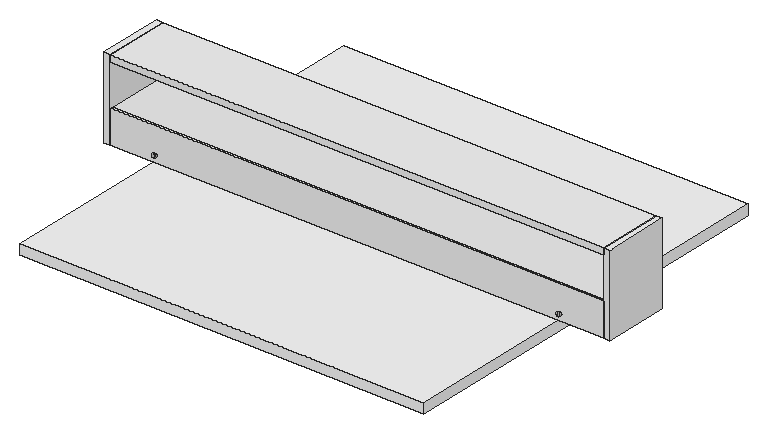
Revit family "BE_50819.2_de_DE", category Leuchten, Revit 2020
Family settings
  Basisbauteil = Fläche
  Bemaßung runder Anschluss = Durchmesser verwenden
  Teiletyp = Normal
  Beim Laden mit Abzugskörper schneiden = Ja
  Lichtquelle = Ja
  Gemeinsam genutzt = Nein
  Raumberechnungspunkt = Ja
Parameters (values of type "BEGA_50819.2_K3")
  built-in parameter 1150104 = 11.65 (stored number, unit not read)
  Wattage = 25.2 W
  Default Elevation = 0 mm
  built-in parameter 1150113 = 1 (stored number, unit not read)
  built-in parameter 1114218 = 1 (stored number, unit not read)
  Umgebungstemperatur = "25 °C"
  URL = "https://www.bega.com/de/produkt/50819.2"
  Typenkommentare = "© 2023 BEGA. Wir behalten uns das Recht vor, technische Änderungen ohne vorherige Ankündigung vorzunehmen."  # constant formula
  built-in parameter 1150134 = (empty or 0)
  built-in parameter 1150109 = 1 (stored number, unit not read)
  built-in parameter 1150110 = 1 (stored number, unit not read)
  Spannung = 239.996 V
  Sonderanfertigung = no
  Seriennummer [instance] = "Hier können Sie die eindeutige Seriennummer für das Facility Management eintragen."
  Schutzklasse = "I"
  Schutzart = "IP 20"
  Scheinlast = 0 VA
  Produktdatenblatt = "https://cdn.bega.com/bega/products/50819.2K3/current/documents/data-sheets/de"
  Neigungswinkel = 0.00°
  Modell = "50819.2K3"
  Material_34 = BEGA_Oberfläche_Samtweiss_matt
  Material_22 = BEGA_Oberfläche_Aluminium_matt
  Material_15 = BEGA_Leuchtmedium_matt
  Material_13 = BEGA_Kunststoff_matt
  Material_06 = BEGA_Oberfläche_Edelstahl_gebürstet
  Material_05 = BEGA_Oberfläche_Aluminium_Guss
  Material_04 = BEGA_Kunststoff_Grafit_matt
  M_W = no
  M_G = no
  M_A = no
  Logo = 0
  built-in parameter 1114217 = 1 (stored number, unit not read)
  built-in parameter 1150139 = (empty or 0)
  built-in parameter 1150105 = 251.47 (stored number, unit not read)
  built-in parameter 1150114 = 1 (stored number, unit not read)
  Lumens = 3160.08 lm
  built-in parameter 1150115 = 1 (stored number, unit not read)
  Leuchtenlichtstrom = "1344 lm"
  Lebensdauerkriterien = "L70B50 @ 25 °C = 200000 h"
  Lastklassifizierung = Beleuchtung
  built-in parameter 1150112 = 1 (stored number, unit not read)
  Lampenlichtstrom = "3160 lm"
  Lampe = "LED 25.2 W"
  LED_Modulbezeichnung = "2x LED-0696/930"
  Hersteller = "BEGA"  # constant formula
  Gewicht = "1.45 kg"
  Frequenz = "0/50-60 Hz"
  Farbwiedergabeindex = "CRI > 90"
  Farbtemperaturverschiebung bei Dämpfen der Lampe = <Keine Auswahl>
  Farbtemperatur = "3000 K"
  Color Filter = 16777215
  built-in parameter 1150133 = 10 (stored number, unit not read)
  Energieeffizienzklasse = "LED A++ - A"
  built-in parameter 1150137 = (empty or 0)
  built-in parameter 1150132 = (empty or 0)
  ENEC = "ja"
  Dimmbar [instance] = "on/off"
  Datei für fotometrisches Netz = "BE_50819-2K3.ies"
  CE_Konformität = "ja"
  Bestellnummer = "50819.2K3"
  Beschreibung_Sonderanfertigung = "Hier können Sie Informationen zur Sonderanfertigung eintragen."
  Beschreibung = "Wandleuchte"
  built-in parameter 1150106 = 2.5147 (stored number, unit not read)
  Befestigungsbohrung = "Ø 4,5 mm"
  Befestigungsabstand = "410 mm"
  BEGA_Intern_aus = yes
  BEGA_Intern_an = yes
  BEGA_Intern_Konstruktion = yes
  BEGA_Intern = yes
  BEGA_IES = yes
  BEGA_Dummy = no
  Anschlussleistung [instance] = "29 W"
  built-in parameter 1150107 = 3000 (stored number, unit not read)
  built-in parameter 1150102 = (empty or 0)
  built-in parameter 1150138 = (empty or 0)
  Aktualisierung = "2023-06-05T04:00:02"
  AC/DC = "AC/DC"
Reference planes
  plane 1 "Mitte (Vorne/Hinten)": y = 0
  plane 2: z = 0
  plane 3 "Mitte (Links/Rechts)": x = 0
  plane 4 "Links": x = -249
  plane 5 "Rechts": x = 251
  plane 6 "Unten": y = -34.671
  plane 7 "Oben": y = 30.329
  plane 8 "Vorne": z = 80
  plane 9 "Hinten": z = 0
Forms (mm)
  Extrusion 1, solid, material "BEGA_Platte_Weiss"
    sketch origin (0, -1119.2, 0) x (1, 0, 0) y (0, 1, 0)
      loop
        line (-200, 1319.2) -> (-200, 919.2) -> (200, 919.2) -> (200, 1319.2) -> (-200, 1319.2)
    from 0 to -10
  Extrusion 2, solid, material "BEGA_Dummy_matt", visible <- "BEGA_Dummy"
    sketch origin (80.095, -76.023, 0) x (1, 0, 0) y (0, 1, 0)
      loop
        line (-329.095, 106.352) -> (-329.095, 41.351) -> (170.905, 41.351) -> (170.905, 106.352) -> (-329.095, 106.352)
    from 0 to 80
Dimensions and locks
  plane 1 "Mitte (Vorne/Hinten)" to Extrusion 1 = 200 mm
  aligned and locked: plane 2 to Extrusion 1
  aligned and locked: level to Extrusion 1
Nested families
  nested 1: "BE_50819.2_Leuchte" at (0, 0, 0), type "BE_50819.2_Leuchte"
Connectors
  electrical at (0, 0, 0), driven by "Lastklassifizierung", driven by "Spannung", driven by "Scheinlast"
    settings: index 1, voltage 239.996 V, apparent load 0 VA, apparent load phase1 0 VA, apparent load phase2 0 VA, apparent load phase3 0 VA, power factor 1, load classification "Beleuchtung", number of poles 1, system type 31, power factor state 1, is connector primary yes, connector utility no, sub classification motor no, connector description ""
Definition of nested family "BE_50819.2_Leuchte"
  Parameters (values of type "BE_50819.2_Leuchte")
    Default Elevation = 1 mm
    URL = "http://www.bega.de/de/produkt"
    Type Comments = "© 2015 BEGA. Wir behalten uns das Recht vor, technische Änderungen ohne vorherige Ankündigung vorzunehmen. "  # constant formula
    Type Image = (empty or 0)
    Material_34 = none
    Material_22 = none
    Material_15 = none
    Material_13 = none
    Material_06 = none
    Material_05 = none
    Material_04 = none
    Länge_Platte = 550 mm  # constant formula
    Höhe_Platte = -10 mm  # constant formula
    Manufacturer = "BEGA"  # constant formula
    Breite_Platte = 200 mm  # constant formula
  Reference planes
    plane 1 "Mitte (Oben/Unten)": y = 0
    plane 2: z = 0
    plane 3 "Mitte (Links/Rechts)": x = 0
    plane 4: z = 80
    plane 5: y = -34.672
    plane 6: y = 30.328
    plane 7: x = 251
    plane 8: x = -249
  Forms (mm)
    Extrusion 1, solid, detail levels medium
      sketch origin (0, 0, 0) x (1, 0, 0) y (0, 1, 0)
        loop
          line (-275, 100) -> (-275, -100) -> (275, -100) -> (275, 100) -> (-275, 100)
      from 0 to -10 <- "Höhe_Platte"
    Extrusion 2, solid, material <- "Material_05"
      sketch origin (0, 0, 0) x (0, 1, 0) y (0, 0, 1)
        loop
          line (25, 10.5) -> (20, 5.5) -> (-20, 5.5) -> (-25, 10.5) -> (-26.414, 9.086) -> (-21.707, 4.379)
          arc (-21.707, 4.379) -> (-20.734, 3.728) -> (-19.586, 3.5) r 3
          line (-19.586, 3.5) -> (19.586, 3.5)
          arc (19.586, 3.5) -> (20.729, 3.726) -> (21.7, 4.371) r 3
          line (21.7, 4.371) -> (26.414, 9.086) -> (25, 10.5)
      from -235 to 235
    Revolve 3, solid, material <- "Material_05"
      sketch origin (-205, 0, 0) x (0, 1, 0) y (0, 0, 1)
        loop
          line (12, 3.5) -> (12, 0) -> (14, 0)
          arc (14, 0) -> (15.048, 0.296) -> (15.785, 1.097) r 2
          line (15.785, 1.097) -> (17, 3.5) -> (12, 3.5)
        axis (12, 0) -> (12, 3.5)
      angle from 0 to 360
    Revolve 4, solid, material <- "Material_05"
      sketch origin (205, 0, 0) x (0, 1, 0) y (0, 0, 1)
        loop
          line (12, 3.5) -> (12, 0) -> (14, 0)
          arc (14, 0) -> (15.048, 0.296) -> (15.785, 1.097) r 2
          line (15.785, 1.097) -> (17, 3.5) -> (12, 3.5)
        axis (12, 0) -> (12, 3.5)
      angle from 0 to 360
    Revolve 5, solid, material <- "Material_05"
      sketch origin (-205, -24, 0) x (0, 1, 0) y (0, 0, 1)
        loop
          line (12, 3.5) -> (12, 0) -> (14, 0)
          arc (14, 0) -> (15.048, 0.296) -> (15.785, 1.097) r 2
          line (15.785, 1.097) -> (17, 3.5) -> (12, 3.5)
        axis (12, 0) -> (12, 3.5)
      angle from 0 to 360
    Revolve 6, solid, material <- "Material_05"
      sketch origin (205, -24, 0) x (0, 1, 0) y (0, 0, 1)
        loop
          line (12, 3.5) -> (12, 0) -> (14, 0)
          arc (14, 0) -> (15.048, 0.296) -> (15.785, 1.097) r 2
          line (15.785, 1.097) -> (17, 3.5) -> (12, 3.5)
        axis (12, 0) -> (12, 3.5)
      angle from 0 to 360
    Extrusion 7, void
      sketch origin (0, 0, 0) x (1, 0, 0) y (0, 1, 0)
        loop
          arc (100, 15) -> (85, 0) -> (100, -15) r 15
          line (100, -15) -> (140, -15)
          arc (140, -15) -> (155, 0) -> (140, 15) r 15
          line (140, 15) -> (100, 15)
        loop
          arc (-202.75, 2.75) -> (-205, 5) -> (-207.25, 2.75) r 2.25
          line (-207.25, 2.75) -> (-207.25, -2.75)
          arc (-207.25, -2.75) -> (-205, -5) -> (-202.75, -2.75) r 2.25
          line (-202.75, -2.75) -> (-202.75, 2.75)
        loop
          line (207.75, 2.25) -> (202.25, 2.25)
          arc (202.25, 2.25) -> (200, 0) -> (202.25, -2.25) r 2.25
          line (202.25, -2.25) -> (207.75, -2.25)
          arc (207.75, -2.25) -> (210, 0) -> (207.75, 2.25) r 2.25
      from 3.5 to 5.5
    Extrusion 8, solid, material <- "Material_34"
      sketch origin (0, 0, 0) x (0, 1, 0) y (0, 0, 1)
        loop
          line (30.328, 33) -> (28.328, 33) -> (28.328, 31) -> (-32.672, 31) -> (-32.672, 33) -> (-34.672, 33) -> (-34.572, 0) -> (-31.672, 0) -> (-31.672, 2)
          arc (-31.672, 2) -> (-31.525, 2.354) -> (-31.172, 2.5) r 0.5
          arc (-31.172, 2.5) -> (-30.818, 2.646) -> (-30.672, 3) r 0.5
          line (-30.672, 3) -> (-30.672, 10)
          arc (-30.672, 10) -> (-30.818, 10.354) -> (-31.172, 10.5) r 0.5
          arc (-31.172, 10.5) -> (-31.525, 10.646) -> (-31.672, 11) r 0.5
          line (-31.672, 11) -> (-31.672, 29) -> (27.328, 29) -> (27.328, 10) -> (24.328, 7) -> (24.328, 5.5)
          arc (24.328, 5.5) -> (24.475, 5.146) -> (24.828, 5) r 0.5
          line (24.828, 5) -> (26.828, 5)
          arc (26.828, 5) -> (27.182, 4.854) -> (27.328, 4.5) r 0.5
          line (27.328, 4.5) -> (27.328, 0) -> (30.328, 0) -> (30.328, 33)
        loop
          line (30.328, 74) -> (30.328, 80) -> (-34.672, 80) -> (-34.672, 74) -> (-33.172, 74) -> (-33.172, 76) -> (28.828, 76) -> (28.828, 74) -> (30.328, 74)
      from -243 to 245
    Extrusion 9, solid, material <- "Material_04"
      sketch origin (0, 0, 0) x (0, 1, 0) y (0, 0, 1)
        loop
          line (1.328, 76) -> (-17.672, 76) -> (-17.672, 74.2) -> (1.328, 74.2) -> (1.328, 76)
      from -224 to 226.3
    Extrusion 10, solid, material <- "Material_13"
      sketch origin (0, 0, 0) x (0, 1, 0) y (0, 0, 1)
        loop
          line (-27.778, 76) -> (-29.308, 76)
          arc (-29.308, 76) -> (-2.172, 65.676) -> (24.964, 76) r 40.824
          line (24.964, 76) -> (23.435, 76)
          arc (23.435, 76) -> (-2.172, 66.676) -> (-27.778, 76) r 39.824
      from -243 to 245
    Extrusion 11, solid, material <- "Material_34"
      sketch origin (0, 0, 0) x (0, 1, 0) y (0, 0, 1)
        loop
          line (30.328, 80) -> (-34.672, 80) -> (-34.672, 0) -> (30.328, 0) -> (30.328, 80)
      from 245 to 251
    Extrusion 12, solid, material <- "Material_34"
      sketch origin (0, 0, 0) x (0, 1, 0) y (0, 0, -1)
        loop
          line (30.328, -80) -> (30.328, 0) -> (-34.672, 0) -> (-34.672, -80) -> (30.328, -80)
      from 243 to 249
    Extrusion 13, solid, material <- "Material_15"
      sketch origin (0, 0, 0) x (1, 0, 0) y (0, 1, 0)
        loop
          line (-221, -0.672) -> (-221, -3.672) -> (-218, -3.672) -> (-218, -0.672) -> (-221, -0.672)
        loop
          line (-211.609, -3.672) -> (-208.609, -3.672) -> (-208.609, -0.672) -> (-211.609, -0.672) -> (-211.609, -3.672)
        loop
          line (-202.217, -3.672) -> (-199.217, -3.672) -> (-199.217, -0.672) -> (-202.217, -0.672) -> (-202.217, -3.672)
        loop
          line (-192.826, -3.672) -> (-189.826, -3.672) -> (-189.826, -0.672) -> (-192.826, -0.672) -> (-192.826, -3.672)
        loop
          line (-183.435, -0.672) -> (-183.435, -3.672) -> (-180.435, -3.672) -> (-180.435, -0.672) -> (-183.435, -0.672)
        loop
          line (-174.043, -3.672) -> (-171.043, -3.672) -> (-171.043, -0.672) -> (-174.043, -0.672) -> (-174.043, -3.672)
        loop
          line (-164.652, -3.672) -> (-161.652, -3.672) -> (-161.652, -0.672) -> (-164.652, -0.672) -> (-164.652, -3.672)
        loop
          line (-155.261, -3.672) -> (-152.261, -3.672) -> (-152.261, -0.672) -> (-155.261, -0.672) -> (-155.261, -3.672)
        loop
          line (-145.87, -3.672) -> (-142.87, -3.672) -> (-142.87, -0.672) -> (-145.87, -0.672) -> (-145.87, -3.672)
        loop
          line (-136.478, -3.672) -> (-133.478, -3.672) -> (-133.478, -0.672) -> (-136.478, -0.672) -> (-136.478, -3.672)
        loop
          line (-127.087, -3.672) -> (-124.087, -3.672) -> (-124.087, -0.672) -> (-127.087, -0.672) -> (-127.087, -3.672)
        loop
          line (-117.696, -3.672) -> (-114.696, -3.672) -> (-114.696, -0.672) -> (-117.696, -0.672) -> (-117.696, -3.672)
        loop
          line (-108.304, -3.672) -> (-105.304, -3.672) -> (-105.304, -0.672) -> (-108.304, -0.672) -> (-108.304, -3.672)
        loop
          line (-98.913, -3.672) -> (-95.913, -3.672) -> (-95.913, -0.672) -> (-98.913, -0.672) -> (-98.913, -3.672)
        loop
          line (-89.522, -3.672) -> (-86.522, -3.672) -> (-86.522, -0.672) -> (-89.522, -0.672) -> (-89.522, -3.672)
        loop
          line (-80.13, -3.672) -> (-77.13, -3.672) -> (-77.13, -0.672) -> (-80.13, -0.672) -> (-80.13, -3.672)
        loop
          line (-70.739, -3.672) -> (-67.739, -3.672) -> (-67.739, -0.672) -> (-70.739, -0.672) -> (-70.739, -3.672)
        loop
          line (-61.348, -3.672) -> (-58.348, -3.672) -> (-58.348, -0.672) -> (-61.348, -0.672) -> (-61.348, -3.672)
        loop
          line (-51.957, -3.672) -> (-48.957, -3.672) -> (-48.957, -0.672) -> (-51.957, -0.672) -> (-51.957, -3.672)
        loop
          line (-42.565, -3.672) -> (-39.565, -3.672) -> (-39.565, -0.672) -> (-42.565, -0.672) -> (-42.565, -3.672)
        loop
          line (-33.174, -3.672) -> (-30.174, -3.672) -> (-30.174, -0.672) -> (-33.174, -0.672) -> (-33.174, -3.672)
        loop
          line (-23.783, -3.672) -> (-20.783, -3.672) -> (-20.783, -0.672) -> (-23.783, -0.672) -> (-23.783, -3.672)
        loop
          line (-14.391, -3.672) -> (-11.391, -3.672) -> (-11.391, -0.672) -> (-14.391, -0.672) -> (-14.391, -3.672)
        loop
          line (-5, -3.672) -> (-2, -3.672) -> (-2, -0.672) -> (-5, -0.672) -> (-5, -3.672)
        loop
          line (4.3, -3.672) -> (7.3, -3.672) -> (7.3, -0.672) -> (4.3, -0.672) -> (4.3, -3.672)
        loop
          line (13.691, -3.672) -> (16.691, -3.672) -> (16.691, -0.672) -> (13.691, -0.672) -> (13.691, -3.672)
        loop
          line (23.083, -3.672) -> (26.083, -3.672) -> (26.083, -0.672) -> (23.083, -0.672) -> (23.083, -3.672)
        loop
          line (32.474, -3.672) -> (35.474, -3.672) -> (35.474, -0.672) -> (32.474, -0.672) -> (32.474, -3.672)
        loop
          line (41.865, -3.672) -> (44.865, -3.672) -> (44.865, -0.672) -> (41.865, -0.672) -> (41.865, -3.672)
        loop
          line (51.257, -3.672) -> (54.257, -3.672) -> (54.257, -0.672) -> (51.257, -0.672) -> (51.257, -3.672)
        loop
          line (60.648, -3.672) -> (63.648, -3.672) -> (63.648, -0.672) -> (60.648, -0.672) -> (60.648, -3.672)
        loop
          line (70.039, -3.672) -> (73.039, -3.672) -> (73.039, -0.672) -> (70.039, -0.672) -> (70.039, -3.672)
        loop
          line (79.43, -3.672) -> (82.43, -3.672) -> (82.43, -0.672) -> (79.43, -0.672) -> (79.43, -3.672)
        loop
          line (88.822, -3.672) -> (91.822, -3.672) -> (91.822, -0.672) -> (88.822, -0.672) -> (88.822, -3.672)
        loop
          line (98.213, -3.672) -> (101.213, -3.672) -> (101.213, -0.672) -> (98.213, -0.672) -> (98.213, -3.672)
        loop
          line (107.604, -3.672) -> (110.604, -3.672) -> (110.604, -0.672) -> (107.604, -0.672) -> (107.604, -3.672)
        loop
          line (116.996, -3.672) -> (119.996, -3.672) -> (119.996, -0.672) -> (116.996, -0.672) -> (116.996, -3.672)
        loop
          line (126.387, -3.672) -> (129.387, -3.672) -> (129.387, -0.672) -> (126.387, -0.672) -> (126.387, -3.672)
        loop
          line (135.778, -3.672) -> (138.778, -3.672) -> (138.778, -0.672) -> (135.778, -0.672) -> (135.778, -3.672)
        loop
          line (145.17, -3.672) -> (148.17, -3.672) -> (148.17, -0.672) -> (145.17, -0.672) -> (145.17, -3.672)
        loop
          line (154.561, -3.672) -> (157.561, -3.672) -> (157.561, -0.672) -> (154.561, -0.672) -> (154.561, -3.672)
        loop
          line (163.952, -3.672) -> (166.952, -3.672) -> (166.952, -0.672) -> (163.952, -0.672) -> (163.952, -3.672)
        loop
          line (173.343, -3.672) -> (176.343, -3.672) -> (176.343, -0.672) -> (173.343, -0.672) -> (173.343, -3.672)
        loop
          line (182.735, -3.672) -> (185.735, -3.672) -> (185.735, -0.672) -> (182.735, -0.672) -> (182.735, -3.672)
        loop
          line (192.126, -3.672) -> (195.126, -3.672) -> (195.126, -0.672) -> (192.126, -0.672) -> (192.126, -3.672)
        loop
          line (201.517, -3.672) -> (204.517, -3.672) -> (204.517, -0.672) -> (201.517, -0.672) -> (201.517, -3.672)
        loop
          line (210.909, -3.672) -> (213.909, -3.672) -> (213.909, -0.672) -> (210.909, -0.672) -> (210.909, -3.672)
        loop
          line (220.3, -3.672) -> (223.3, -3.672) -> (223.3, -0.672) -> (220.3, -0.672) -> (220.3, -3.672)
      from 73.68 to 74.558
    Revolve 14, solid, material <- "Material_06"
      sketch origin (-199, 0, 0) x (0, 1, 0) y (0, 0, 1)
        loop
          line (-24.728, 6.5) -> (-25.957, 8.629) -> (-26.672, 9.236) -> (-26.672, 8.35) -> (-27.546, 8.35) -> (-28.672, 9) -> (-32.288, 9) -> (-33.002, 8.5) -> (-35.672, 8.5) -> (-35.672, 6.5) -> (-24.728, 6.5)
        axis (-24.728, 6.5) -> (-35.672, 6.5)
      angle from 0 to 360
    Revolve 15, solid, material <- "Material_06"
      sketch origin (201, 0, 0) x (0, 1, 0) y (0, 0, 1)
        loop
          line (-24.728, 6.5) -> (-25.957, 8.629) -> (-26.672, 9.236) -> (-26.672, 8.35) -> (-27.546, 8.35) -> (-28.672, 9) -> (-32.288, 9) -> (-33.002, 8.5) -> (-35.672, 8.5) -> (-35.672, 6.5) -> (-24.728, 6.5)
        axis (-24.728, 6.5) -> (-35.672, 6.5)
      angle from 0 to 360
    Extrusion 16, solid, material <- "Material_22"
      sketch origin (0, 0, 0) x (0, 1, 0) y (0, 0, 1)
        loop
          line (27.973, 31) -> (27.973, 32.46) -> (-32.191, 32.46) -> (-32.191, 31) -> (27.973, 31)
      from -243 to 245
  Cuts and joins
    Extrusion 7 cuts Extrusion 2
    Extrusion 7 cuts Revolve 3
    Extrusion 7 cuts Revolve 4
    Extrusion 7 cuts Revolve 5
    Extrusion 7 cuts Revolve 6
    joined: Extrusion 2, Revolve 3, Revolve 4, Revolve 5, Revolve 6
    joined: Extrusion 11, Extrusion 12
    joined: Revolve 14, Revolve 15
  Dimensions and locks
    equal spacing: Extrusion 1 sketch curve, plane 3 "Mitte (Links/Rechts)", Extrusion 1 sketch curve
    equal spacing: Extrusion 1 sketch curve, plane 1 "Mitte (Oben/Unten)", Extrusion 1 sketch curve
    "Länge_Platte": Extrusion 1 sketch curve to Extrusion 1 sketch curve
    "Breite_Platte": Extrusion 1 sketch curve to Extrusion 1 sketch curve
    plane 1 "Mitte (Oben/Unten)" to Extrusion 1 = 100 mm  (x3)
    aligned and locked: Extrusion 1 to plane 2
    aligned and locked: Extrusion 1 to level
  Automatic sketch dimensions
    level to Extrusion 2 sketch curve = 9.086 mm  (x2)
    plane 1 "Mitte (Oben/Unten)" to Extrusion 2 sketch curve = 26.414 mm
    level to Extrusion 2 sketch curve = 10.5 mm  (x2)
    Extrusion 2 sketch curve to Extrusion 2 sketch curve = 1.414 mm  (x2)
    level to Extrusion 2 sketch curve = 5.5 mm
    Extrusion 2 sketch curve to Extrusion 2 sketch curve = 5 mm
    Extrusion 2 sketch curve to Extrusion 2 sketch curve = 0.414 mm  (x2)
    level to Extrusion 2 sketch curve = 3.5 mm
    Extrusion 2 sketch curve to plane 1 "Mitte (Oben/Unten)" = 19.586 mm
    level to Extrusion 2 sketch curve = 4.371 mm
    Extrusion 2 sketch curve to Extrusion 2 sketch curve = 1.699 mm
    Extrusion 2 sketch curve to Extrusion 2 sketch curve = 5.414 mm
    Extrusion 2 sketch curve to Extrusion 2 sketch curve = 1 mm
    level to Extrusion 2 sketch curve = 4.379 mm
    Extrusion 2 sketch curve to Extrusion 2 sketch curve = 1.707 mm
    Extrusion 2 sketch curve to Extrusion 2 sketch curve = 0 mm
    Revolve 3 sketch curve to level = 0 mm
    level to Revolve 3 sketch curve = 3.5 mm
    Revolve 3 sketch curve to plane 1 "Mitte (Oben/Unten)" = 12 mm
    Revolve 3 sketch curve to Revolve 3 sketch curve = 2 mm  (x4)
    Revolve 3 sketch curve to Revolve 3 sketch curve = 3 mm
    Revolve 3 sketch curve to Revolve 3 sketch curve = 0 mm  (x2)
    level to Revolve 3 sketch curve = 1.097 mm  (x2)
    Revolve 4 sketch curve to level = 0 mm
    level to Revolve 4 sketch curve = 3.5 mm
    Revolve 4 sketch curve to plane 1 "Mitte (Oben/Unten)" = 12 mm
    Revolve 4 sketch curve to Revolve 4 sketch curve = 2 mm  (x4)
    Revolve 4 sketch curve to Revolve 4 sketch curve = 3 mm
    Revolve 4 sketch curve to Revolve 4 sketch curve = 0 mm  (x2)
    level to Revolve 4 sketch curve = 1.097 mm  (x2)
    Revolve 5 sketch curve to level = 0 mm
    level to Revolve 5 sketch curve = 3.5 mm
    plane 1 "Mitte (Oben/Unten)" to Revolve 5 sketch curve = 12 mm
    Revolve 5 sketch curve to Revolve 5 sketch curve = 2 mm  (x3)
    Revolve 5 sketch curve to Revolve 5 sketch curve = 3 mm
    Revolve 5 sketch curve to Revolve 5 sketch curve = 0 mm  (x2)
    level to Revolve 5 sketch curve = 1.097 mm  (x2)
    Revolve 5 sketch curve to level = 2 mm
    Revolve 6 sketch curve to level = 0 mm
    level to Revolve 6 sketch curve = 3.5 mm
    plane 1 "Mitte (Oben/Unten)" to Revolve 6 sketch curve = 12 mm
    Revolve 6 sketch curve to Revolve 6 sketch curve = 2 mm  (x3)
    Revolve 6 sketch curve to Revolve 6 sketch curve = 3 mm
    Revolve 6 sketch curve to Revolve 6 sketch curve = 0 mm  (x2)
    level to Revolve 6 sketch curve = 1.097 mm  (x2)
    Revolve 6 sketch curve to level = 2 mm
    plane 1 "Mitte (Oben/Unten)" to Extrusion 7 sketch curve = 0 mm  (x2)
    Extrusion 7 sketch curve to plane 1 "Mitte (Oben/Unten)" = 2.75 mm
    Extrusion 7 sketch curve to plane 3 "Mitte (Links/Rechts)" = 207.25 mm
    Extrusion 7 sketch curve to Extrusion 7 sketch curve = 2.25 mm
    Extrusion 7 sketch curve to plane 1 "Mitte (Oben/Unten)" = 15 mm
    plane 3 "Mitte (Links/Rechts)" to Extrusion 7 sketch curve = 100 mm
    Extrusion 7 sketch curve to Extrusion 7 sketch curve = 40 mm
    Extrusion 7 sketch curve to plane 1 "Mitte (Oben/Unten)" = 2.25 mm
    Extrusion 7 sketch curve to Extrusion 7 sketch curve = 62.25 mm
    Extrusion 7 sketch curve to Extrusion 7 sketch curve = 5.5 mm
    plane 1 "Mitte (Oben/Unten)" to Extrusion 7 sketch curve = 2.75 mm
    Extrusion 8 sketch curve to level = 0 mm  (x3)
    plane 1 "Mitte (Oben/Unten)" to Extrusion 8 sketch curve = 34.672 mm  (x2)
    Extrusion 8 sketch curve to Extrusion 8 sketch curve = 0 mm  (x13)
    Extrusion 8 sketch curve to Extrusion 8 sketch curve = 0.101 mm
    Extrusion 8 sketch curve to Extrusion 8 sketch curve = 1.5 mm  (x2)
    Extrusion 8 sketch curve to Extrusion 8 sketch curve = 2.001 mm
    Extrusion 8 sketch curve to Extrusion 8 sketch curve = 2.9 mm
    level to Extrusion 8 sketch curve = 2 mm
    Extrusion 8 sketch curve to Extrusion 8 sketch curve = 1 mm  (x2)
    Extrusion 8 sketch curve to Extrusion 8 sketch curve = 0.5 mm  (x11)
    level to Extrusion 8 sketch curve = 3 mm
    level to Extrusion 8 sketch curve = 10 mm  (x2)
    level to Extrusion 8 sketch curve = 5.5 mm
    Extrusion 8 sketch curve to plane 1 "Mitte (Oben/Unten)" = 24.328 mm
    level to Extrusion 8 sketch curve = 7 mm
    Extrusion 8 sketch curve to Extrusion 8 sketch curve = 2 mm  (x7)
    level to Extrusion 8 sketch curve = 4.5 mm
    Extrusion 8 sketch curve to Extrusion 8 sketch curve = 3 mm  (x2)
    Extrusion 8 sketch curve to plane 1 "Mitte (Oben/Unten)" = 28.828 mm
    Extrusion 8 sketch curve to Extrusion 8 sketch curve = 19 mm
    Extrusion 8 sketch curve to Extrusion 8 sketch curve = 18 mm
    Extrusion 8 sketch curve to Extrusion 8 sketch curve = 41 mm  (x2)
    Extrusion 8 sketch curve to Extrusion 8 sketch curve = 4 mm
    plane 1 "Mitte (Oben/Unten)" to Extrusion 9 sketch curve = 17.672 mm
    Extrusion 9 sketch curve to Extrusion 9 sketch curve = 0 mm
    Extrusion 9 sketch curve to plane 1 "Mitte (Oben/Unten)" = 1.328 mm
    level to Extrusion 9 sketch curve = 74.2 mm
    Extrusion 9 sketch curve to Extrusion 9 sketch curve = 1.8 mm
    Extrusion 10 sketch curve to Extrusion 10 sketch curve = 0 mm  (x3)
    plane 1 "Mitte (Oben/Unten)" to Extrusion 10 sketch curve = 29.308 mm
    Extrusion 10 sketch curve to Extrusion 10 sketch curve = 1.529 mm  (x2)
    plane 1 "Mitte (Oben/Unten)" to Extrusion 10 sketch curve = 2.172 mm
    Extrusion 10 sketch curve to plane 1 "Mitte (Oben/Unten)" = 23.435 mm
    level to Extrusion 10 sketch curve = 76 mm
    Extrusion 10 sketch curve to Extrusion 10 sketch curve = 30.5 mm
    Extrusion 11 sketch curve to level = 0 mm
    plane 1 "Mitte (Oben/Unten)" to Extrusion 11 sketch curve = 34.672 mm  (x2)
    Extrusion 11 sketch curve to plane 1 "Mitte (Oben/Unten)" = 30.328 mm
    level to Extrusion 11 sketch curve = 80 mm
    Extrusion 12 sketch curve to level = 0 mm
    plane 1 "Mitte (Oben/Unten)" to Extrusion 12 sketch curve = 34.672 mm  (x2)
    Extrusion 12 sketch curve to plane 1 "Mitte (Oben/Unten)" = 30.328 mm
    level to Extrusion 12 sketch curve = 80 mm
    plane 1 "Mitte (Oben/Unten)" to Extrusion 13 sketch curve = 0.672 mm  (x48)
    Extrusion 13 sketch curve to plane 3 "Mitte (Links/Rechts)" = 221 mm
    Extrusion 13 sketch curve to Extrusion 13 sketch curve = 3 mm  (x65)
    Extrusion 13 sketch curve to Extrusion 13 sketch curve = 6.391 mm  (x45)
    Extrusion 13 sketch curve to plane 3 "Mitte (Links/Rechts)" = 5 mm
    Extrusion 13 sketch curve to plane 3 "Mitte (Links/Rechts)" = 2 mm
    plane 3 "Mitte (Links/Rechts)" to Extrusion 13 sketch curve = 4.3 mm
    plane 1 "Mitte (Oben/Unten)" to Extrusion 13 sketch curve = 3.672 mm  (x30)
    level to Revolve 14 sketch curve = 8.5 mm  (x2)
    plane 1 "Mitte (Oben/Unten)" to Revolve 14 sketch curve = 35.672 mm
    Revolve 14 sketch curve to Revolve 14 sketch curve = 2.67 mm
    level to Revolve 14 sketch curve = 9 mm
    Revolve 14 sketch curve to Revolve 14 sketch curve = 0.714 mm  (x2)
    Revolve 14 sketch curve to Revolve 14 sketch curve = 3.616 mm
    Revolve 14 sketch curve to Revolve 14 sketch curve = 1.126 mm
    Revolve 14 sketch curve to Revolve 14 sketch curve = 0.874 mm
    level to Revolve 14 sketch curve = 8.629 mm
    level to Revolve 14 sketch curve = 6.5 mm
    Revolve 14 sketch curve to Revolve 14 sketch curve = 1.229 mm
    Revolve 14 sketch curve to Revolve 14 sketch curve = 0.279 mm
    Revolve 14 sketch curve to Revolve 14 sketch curve = 0 mm  (x3)
    Revolve 14 sketch curve to Revolve 14 sketch curve = 0.886 mm
    Revolve 14 sketch curve to Revolve 14 sketch curve = 0.832 mm
    level to Revolve 15 sketch curve = 8.5 mm  (x2)
    plane 1 "Mitte (Oben/Unten)" to Revolve 15 sketch curve = 35.672 mm
    Revolve 15 sketch curve to Revolve 15 sketch curve = 2.67 mm
    level to Revolve 15 sketch curve = 9 mm
    Revolve 15 sketch curve to Revolve 15 sketch curve = 0.714 mm  (x2)
    Revolve 15 sketch curve to Revolve 15 sketch curve = 3.616 mm
    Revolve 15 sketch curve to Revolve 15 sketch curve = 1.126 mm
    Revolve 15 sketch curve to Revolve 15 sketch curve = 0.874 mm
    level to Revolve 15 sketch curve = 8.629 mm
    level to Revolve 15 sketch curve = 6.5 mm
    Revolve 15 sketch curve to Revolve 15 sketch curve = 1.229 mm
    Revolve 15 sketch curve to Revolve 15 sketch curve = 0.279 mm
    Revolve 15 sketch curve to Revolve 15 sketch curve = 0 mm  (x3)
    Revolve 15 sketch curve to Revolve 15 sketch curve = 0.886 mm
    Revolve 15 sketch curve to Revolve 15 sketch curve = 0.832 mm
    plane 1 "Mitte (Oben/Unten)" to Extrusion 16 sketch curve = 32.191 mm
    Extrusion 16 sketch curve to plane 1 "Mitte (Oben/Unten)" = 27.973 mm
    level to Extrusion 16 sketch curve = 32.46 mm
    Extrusion 16 sketch curve to Extrusion 16 sketch curve = 1.46 mm
